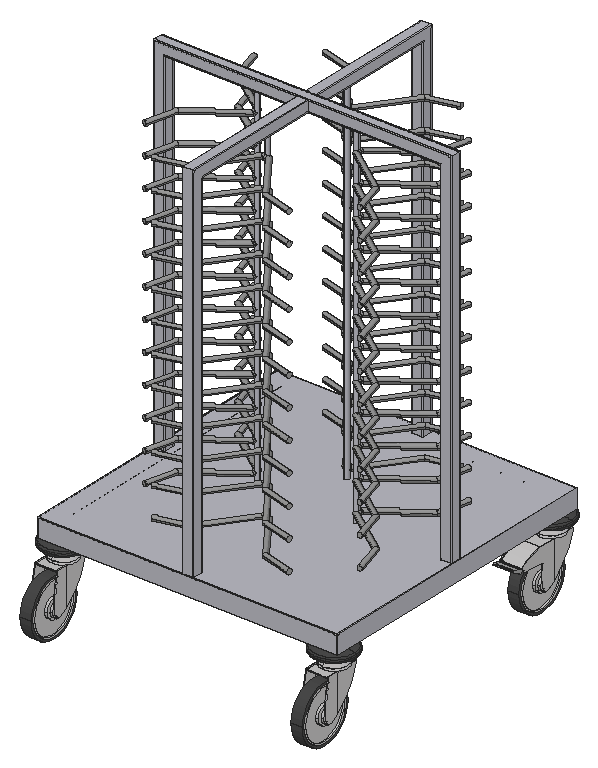
Revit family "QF_BOURGEAT_Chariots_de_stockage_assiette_ garnies_modulables", category Equipement spécialisé, Revit 2015
Parameters (values of type "Petit modèle")
  URL catalogue = "http://www.bourgeat.fr"
  URL = ""
  Type article = ""
  Structure intermédiaire = Hauteur hors tout = 1830 mm  # no
  Spécification du Fabricant = "Chariots modulables pour stockage d'assiettes garnies"
  Profondeur hors tout = 700 mm
  Poids net à vide = 23.00 kg
  Modèle = "798848"
  Longueur hors tout = 700 mm
  Longueur Cadre = Longueur hors tout - 37.6 mm  # 662.4 mm
  Largeur cage = Longueur hors tout - 40 mm  # 660 mm
  Hauteur poignée = Hauteur hors tout - 223 mm  # 807 mm
  Hauteur hors tout = 1030 mm
  Fabricant = "BOURGEAT"
  Description = ""
  Contact SAV = "0033(4).76.32.14.44"
  Type Comments = ""
  Charge max = 75.00 kg
Types (3, lengths in mm): name | Structure intermédiaire | Poids net à vide | Modèle | Hauteur poignée | Hauteur hors tout | Charge max
  (no name) | no | 23.00 kg | "798848" | 807 | 1030 | 75.00 kg
  Petit modèle | no | 23.00 kg | "798848" | 807 | 1030 | 75.00 kg
  Grand modèle | yes | 33.00 kg | "798896" | 1607 | 1830 | 150.00 kg
Reference planes
  plane 1 "Centre (avant/arrière)": y = 0
  plane 2: z = 0
  plane 3 "Centre (gauche/droite)": x = 0
  plane 4: y = 350
  plane 5: y = -350
  plane 6: x = -350
  plane 7: x = 350
  plane 8: x = -300
  plane 9: x = 300
  plane 10: y = -300
  plane 11: z = 1030
  plane 12: y = 300
  plane 13: x = -300
  plane 14: x = 300
  plane 15: x = 155
  plane 16: z = 227
  plane 17: z = 248
  plane 18: z = 963
  plane 19: z = 969
  plane 20: z = 254
Forms (mm)
  Extrusion 1, solid, material "Acier inoxydable AISI 440C, soudé", visible <- "Structure intermédiaire"
    sketch origin (0, 0, 0) x (1, 0, 0) y (0, 0, 1)
      loop
        arc (-11, 227) -> (-12.061, 226.561) -> (-12.5, 225.5) r 1.5
        line (-12.5, 225.5) -> (-12.5, 203.5)
        arc (-12.5, 203.5) -> (-12.061, 202.439) -> (-11, 202) r 1.5
        line (-11, 202) -> (11, 202)
        arc (11, 202) -> (12.061, 202.439) -> (12.5, 203.5) r 1.5
        line (12.5, 203.5) -> (12.5, 225.5)
        arc (12.5, 225.5) -> (12.061, 226.561) -> (11, 227) r 1.5
        line (11, 227) -> (-11, 227)
    from -305 to 305
  Extrusion 2, solid, material "Acier inoxydable AISI 440C, soudé", visible <- "Structure intermédiaire"
    sketch origin (0, 0, 0) x (0, 1, 0) y (0, 0, 1)
      loop
        arc (-11, 227) -> (-12.061, 226.561) -> (-12.5, 225.5) r 1.5
        line (-12.5, 225.5) -> (-12.5, 203.5)
        arc (-12.5, 203.5) -> (-12.061, 202.439) -> (-11, 202) r 1.5
        line (-11, 202) -> (11, 202)
        arc (11, 202) -> (12.061, 202.439) -> (12.5, 203.5) r 1.5
        line (12.5, 203.5) -> (12.5, 225.5)
        arc (12.5, 225.5) -> (12.061, 226.561) -> (11, 227) r 1.5
        line (11, 227) -> (-11, 227)
    from -305 to 305
Cuts and joins
  joined: Extrusion 1, Extrusion 2
Dimensions and locks
  equal spacing: plane 6, plane 3 "Centre (gauche/droite)", plane 7
  equal spacing: plane 4, plane 1 "Centre (avant/arrière)", plane 5
  "Profondeur hors tout": plane 6 to plane 7
  "Longueur hors tout": plane 4 to plane 5
  plane 10 to plane 5 = 50 mm
  plane 9 to plane 7 = 50 mm
  plane 6 to plane 8 = 50 mm
  "Hauteur hors tout": plane 11 to level
  plane 4 to plane 12 = 50 mm
  plane 6 to plane 13 = 50 mm
  plane 14 to plane 7 = 50 mm
  plane 11 to plane 16 = 803 mm
  locked: Extrusion 1 sketch curve to nested 8 at 25
  locked: plane 17 to plane 2 at 248
  locked: plane 18 to plane 2 at 963
  equal spacing: group 1, group 3, group 4, group 5, group 6, group 7, group 8, group 9, group 10, group 11, group 12, group 2  (x3)
  locked: plane 11 to plane 19 at 61
  locked: plane 11 to plane 20 at 776
  equal spacing: group 13, group 15, group 16, group 17, group 18, group 19, group 20, group 21, group 22, group 23, group 24, group 14  (x3)
  aligned and locked: level to plane 2
  aligned and locked: nested 1 to plane 8
  aligned and locked: plane 10 to nested 2
  aligned and locked: nested 2 to plane 9
  aligned and locked: nested 4 to plane 12
  aligned and locked: nested 3 to plane 12
  aligned and locked: plane 13 to nested 4
  aligned and locked: plane 14 to nested 3
  aligned and locked: plane 10 to nested 1
  aligned and locked: plane 1 "Centre (avant/arrière)" to nested 5
  aligned and locked: plane 3 "Centre (gauche/droite)" to nested 5
  aligned and locked: nested 5 to nested 1
  aligned and locked: plane 3 "Centre (gauche/droite)" to nested 6
  aligned and locked: plane 1 "Centre (avant/arrière)" to nested 6
  aligned and locked: nested 6 to nested 5
  aligned and locked: nested 7 to plane 1 "Centre (avant/arrière)"
  aligned and locked: plane 3 "Centre (gauche/droite)" to nested 7
  aligned and locked: plane 11 to nested 7
  aligned and locked: nested 8 to plane 3 "Centre (gauche/droite)"
  aligned and locked: nested 8 to plane 1 "Centre (avant/arrière)"
  aligned and locked: Extrusion 1 sketch curve to plane 16
  aligned and locked: Extrusion 1 to nested 8  (x2)
  aligned and locked: Extrusion 2 to nested 7  (x2)
  aligned and locked: plane 17 to nested 9
  aligned and locked: plane 17 to nested 10
  aligned and locked: nested 12 to plane 17
  aligned and locked: nested 11 to plane 17
  aligned and locked: plane 20 to nested 58
  aligned and locked: nested 59 to plane 20
  aligned and locked: plane 20 to nested 57
  aligned and locked: nested 60 to plane 20
  aligned and locked: plane 19 to nested 61
  aligned and locked: nested 63 to plane 19
  aligned and locked: plane 19 to nested 62
  aligned and locked: nested 64 to plane 19
Automatic sketch dimensions
  Extrusion 1 sketch curve to Extrusion 1 sketch curve = 1.5 mm
  Extrusion 1 sketch curve to plane 16 = 1.5 mm  (x2)
  Extrusion 1 sketch curve to plane 3 "Centre (gauche/droite)" = 11 mm  (x2)
  Extrusion 1 sketch curve to Extrusion 1 sketch curve = 22 mm
  Extrusion 2 sketch curve to plane 16 = 0 mm
  plane 1 "Centre (avant/arrière)" to Extrusion 2 sketch curve = 12.5 mm
  Extrusion 2 sketch curve to Extrusion 2 sketch curve = 1.5 mm
  Extrusion 2 sketch curve to plane 16 = 1.5 mm  (x2)
  Extrusion 2 sketch curve to plane 1 "Centre (avant/arrière)" = 11 mm  (x2)
  Extrusion 2 sketch curve to Extrusion 2 sketch curve = 22 mm
Nested families
  nested 1: "ROULETTE" at (-300, -300, 0) x (-1, 0, 0) z (0, 0, 1), type "ROULETTE"
    with Sans frein yes, Avec frein no
  nested 2: "ROULETTE" at (300, -300, 0) x (-1, 0, 0) z (0, 0, 1), type "ROULETTE"
    with Sans frein yes, Avec frein no
  nested 3: "ROULETTE" at (300, 300, 0) x (-1, 0, 0) z (0, 0, 1), type "ROULETTE"
    with Sans frein no, Avec frein yes
  nested 4: "ROULETTE" at (-300, 300, 0) x (-1, 0, 0) z (0, 0, 1), type "ROULETTE"
    with Sans frein no, Avec frein yes
  nested 5: "Bourgeat - Cadre de chariot SIMPLE" at (0, 0, 182), type "Bourgeat - Cadre de chariot SIMPLE"
    with Longueur 662.4 mm, Largeur 662.4 mm
  nested 6: "Bourgeat - Plateforme coins carrés" at (0, 0, 222), type "Bourgeat - Plateforme coins carrés"
    with Largeur 662.4 mm
  nested 7: "Cage" at (0, 12.5, 223), Hauteur <- "Hauteur poignée", type "Cage"
    with Hauteur 807 mm, Largeur 660 mm
  nested 8: "Cage" at (-12.5, 0, 223) x (0, 1, 0) z (0, 0, 1), Hauteur <- "Hauteur poignée", type "Cage"
    with Hauteur 807 mm, Largeur 660 mm
  nested 9: "Famille1" at (-115, 0, 243) x (-1, 0, 0) z (0, 0, 1), type "Famille1"
  nested 10: "Famille1" at (0, -115, 243) x (0, -1, 0) z (0, 0, 1), type "Famille1"
  nested 11: "Famille1" at (115, 0, 243), type "Famille1"
  nested 12: "Famille1" at (0, 115, 243) x (0, 1, 0) z (0, 0, 1), type "Famille1"
  nested 13: "Famille1" at (-115, 0, 958) x (-1, 0, 0) z (0, 0, 1), type "Famille1"
  nested 14: "Famille1" at (0, -115, 958) x (0, -1, 0) z (0, 0, 1), type "Famille1"
  nested 15: "Famille1" at (115, 0, 958), type "Famille1"
  nested 16: "Famille1" at (0, 115, 958) x (0, 1, 0) z (0, 0, 1), type "Famille1"
  nested 17: "Famille1" at (-115, 0, 308) x (-1, 0, 0) z (0, 0, 1), type "Famille1"
  nested 18: "Famille1" at (0, -115, 308) x (0, -1, 0) z (0, 0, 1), type "Famille1"
  nested 19: "Famille1" at (115, 0, 308), type "Famille1"
  nested 20: "Famille1" at (0, 115, 308) x (0, 1, 0) z (0, 0, 1), type "Famille1"
  nested 21: "Famille1" at (-115, 0, 373) x (-1, 0, 0) z (0, 0, 1), type "Famille1"
  nested 22: "Famille1" at (0, -115, 373) x (0, -1, 0) z (0, 0, 1), type "Famille1"
  nested 23: "Famille1" at (115, 0, 373), type "Famille1"
  nested 24: "Famille1" at (0, 115, 373) x (0, 1, 0) z (0, 0, 1), type "Famille1"
  nested 25: "Famille1" at (-115, 0, 438) x (-1, 0, 0) z (0, 0, 1), type "Famille1"
  nested 26: "Famille1" at (0, -115, 438) x (0, -1, 0) z (0, 0, 1), type "Famille1"
  nested 27: "Famille1" at (115, 0, 438), type "Famille1"
  nested 28: "Famille1" at (0, 115, 438) x (0, 1, 0) z (0, 0, 1), type "Famille1"
  nested 29: "Famille1" at (-115, 0, 503) x (-1, 0, 0) z (0, 0, 1), type "Famille1"
  nested 30: "Famille1" at (0, -115, 503) x (0, -1, 0) z (0, 0, 1), type "Famille1"
  nested 31: "Famille1" at (115, 0, 503), type "Famille1"
  nested 32: "Famille1" at (0, 115, 503) x (0, 1, 0) z (0, 0, 1), type "Famille1"
  nested 33: "Famille1" at (-115, 0, 568) x (-1, 0, 0) z (0, 0, 1), type "Famille1"
  nested 34: "Famille1" at (0, -115, 568) x (0, -1, 0) z (0, 0, 1), type "Famille1"
  nested 35: "Famille1" at (115, 0, 568), type "Famille1"
  nested 36: "Famille1" at (0, 115, 568) x (0, 1, 0) z (0, 0, 1), type "Famille1"
  nested 37: "Famille1" at (-115, 0, 633) x (-1, 0, 0) z (0, 0, 1), type "Famille1"
  nested 38: "Famille1" at (0, -115, 633) x (0, -1, 0) z (0, 0, 1), type "Famille1"
  nested 39: "Famille1" at (115, 0, 633), type "Famille1"
  nested 40: "Famille1" at (0, 115, 633) x (0, 1, 0) z (0, 0, 1), type "Famille1"
  nested 41: "Famille1" at (-115, 0, 698) x (-1, 0, 0) z (0, 0, 1), type "Famille1"
  nested 42: "Famille1" at (0, -115, 698) x (0, -1, 0) z (0, 0, 1), type "Famille1"
  nested 43: "Famille1" at (115, 0, 698), type "Famille1"
  nested 44: "Famille1" at (0, 115, 698) x (0, 1, 0) z (0, 0, 1), type "Famille1"
  nested 45: "Famille1" at (-115, 0, 763) x (-1, 0, 0) z (0, 0, 1), type "Famille1"
  nested 46: "Famille1" at (0, -115, 763) x (0, -1, 0) z (0, 0, 1), type "Famille1"
  nested 47: "Famille1" at (115, 0, 763), type "Famille1"
  nested 48: "Famille1" at (0, 115, 763) x (0, 1, 0) z (0, 0, 1), type "Famille1"
  nested 49: "Famille1" at (-115, 0, 828) x (-1, 0, 0) z (0, 0, 1), type "Famille1"
  nested 50: "Famille1" at (0, -115, 828) x (0, -1, 0) z (0, 0, 1), type "Famille1"
  nested 51: "Famille1" at (115, 0, 828), type "Famille1"
  nested 52: "Famille1" at (0, 115, 828) x (0, 1, 0) z (0, 0, 1), type "Famille1"
  nested 53: "Famille1" at (-115, 0, 893) x (-1, 0, 0) z (0, 0, 1), type "Famille1"
  nested 54: "Famille1" at (0, -115, 893) x (0, -1, 0) z (0, 0, 1), type "Famille1"
  nested 55: "Famille1" at (115, 0, 893), type "Famille1"
  nested 56: "Famille1" at (0, 115, 893) x (0, 1, 0) z (0, 0, 1), type "Famille1"
  nested 57: "Famille1" at (-115, 0, 249) x (-1, 0, 0) z (0, 0, 1), visible <- "Structure intermédiaire", type "Famille1"
  nested 58: "Famille1" at (0, -115, 249) x (0, -1, 0) z (0, 0, 1), visible <- "Structure intermédiaire", type "Famille1"
  nested 59: "Famille1" at (115, 0, 249), visible <- "Structure intermédiaire", type "Famille1"
  nested 60: "Famille1" at (0, 115, 249) x (0, 1, 0) z (0, 0, 1), visible <- "Structure intermédiaire", type "Famille1"
  nested 61: "Famille1" at (-115, 0, 964) x (-1, 0, 0) z (0, 0, 1), visible <- "Structure intermédiaire", type "Famille1"
  nested 62: "Famille1" at (0, -115, 964) x (0, -1, 0) z (0, 0, 1), visible <- "Structure intermédiaire", type "Famille1"
  nested 63: "Famille1" at (115, 0, 964), visible <- "Structure intermédiaire", type "Famille1"
  nested 64: "Famille1" at (0, 115, 964) x (0, 1, 0) z (0, 0, 1), visible <- "Structure intermédiaire", type "Famille1"
  nested 65: "Famille1" at (-115, 0, 314) x (-1, 0, 0) z (0, 0, 1), visible <- "Structure intermédiaire", type "Famille1"
  nested 66: "Famille1" at (0, -115, 314) x (0, -1, 0) z (0, 0, 1), visible <- "Structure intermédiaire", type "Famille1"
  nested 67: "Famille1" at (115, 0, 314), visible <- "Structure intermédiaire", type "Famille1"
  nested 68: "Famille1" at (0, 115, 314) x (0, 1, 0) z (0, 0, 1), visible <- "Structure intermédiaire", type "Famille1"
  nested 69: "Famille1" at (-115, 0, 379) x (-1, 0, 0) z (0, 0, 1), visible <- "Structure intermédiaire", type "Famille1"
  nested 70: "Famille1" at (0, -115, 379) x (0, -1, 0) z (0, 0, 1), visible <- "Structure intermédiaire", type "Famille1"
  nested 71: "Famille1" at (115, 0, 379), visible <- "Structure intermédiaire", type "Famille1"
  nested 72: "Famille1" at (0, 115, 379) x (0, 1, 0) z (0, 0, 1), visible <- "Structure intermédiaire", type "Famille1"
  nested 73: "Famille1" at (-115, 0, 444) x (-1, 0, 0) z (0, 0, 1), visible <- "Structure intermédiaire", type "Famille1"
  nested 74: "Famille1" at (0, -115, 444) x (0, -1, 0) z (0, 0, 1), visible <- "Structure intermédiaire", type "Famille1"
  nested 75: "Famille1" at (115, 0, 444), visible <- "Structure intermédiaire", type "Famille1"
  nested 76: "Famille1" at (0, 115, 444) x (0, 1, 0) z (0, 0, 1), visible <- "Structure intermédiaire", type "Famille1"
  nested 77: "Famille1" at (-115, 0, 509) x (-1, 0, 0) z (0, 0, 1), visible <- "Structure intermédiaire", type "Famille1"
  nested 78: "Famille1" at (0, -115, 509) x (0, -1, 0) z (0, 0, 1), visible <- "Structure intermédiaire", type "Famille1"
  nested 79: "Famille1" at (115, 0, 509), visible <- "Structure intermédiaire", type "Famille1"
  nested 80: "Famille1" at (0, 115, 509) x (0, 1, 0) z (0, 0, 1), visible <- "Structure intermédiaire", type "Famille1"
  nested 81: "Famille1" at (-115, 0, 574) x (-1, 0, 0) z (0, 0, 1), visible <- "Structure intermédiaire", type "Famille1"
  nested 82: "Famille1" at (0, -115, 574) x (0, -1, 0) z (0, 0, 1), visible <- "Structure intermédiaire", type "Famille1"
  nested 83: "Famille1" at (115, 0, 574), visible <- "Structure intermédiaire", type "Famille1"
  nested 84: "Famille1" at (0, 115, 574) x (0, 1, 0) z (0, 0, 1), visible <- "Structure intermédiaire", type "Famille1"
  nested 85: "Famille1" at (-115, 0, 639) x (-1, 0, 0) z (0, 0, 1), visible <- "Structure intermédiaire", type "Famille1"
  nested 86: "Famille1" at (0, -115, 639) x (0, -1, 0) z (0, 0, 1), visible <- "Structure intermédiaire", type "Famille1"
  nested 87: "Famille1" at (115, 0, 639), visible <- "Structure intermédiaire", type "Famille1"
  nested 88: "Famille1" at (0, 115, 639) x (0, 1, 0) z (0, 0, 1), visible <- "Structure intermédiaire", type "Famille1"
  nested 89: "Famille1" at (-115, 0, 704) x (-1, 0, 0) z (0, 0, 1), visible <- "Structure intermédiaire", type "Famille1"
  nested 90: "Famille1" at (0, -115, 704) x (0, -1, 0) z (0, 0, 1), visible <- "Structure intermédiaire", type "Famille1"
  nested 91: "Famille1" at (115, 0, 704), visible <- "Structure intermédiaire", type "Famille1"
  nested 92: "Famille1" at (0, 115, 704) x (0, 1, 0) z (0, 0, 1), visible <- "Structure intermédiaire", type "Famille1"
  nested 93: "Famille1" at (-115, 0, 769) x (-1, 0, 0) z (0, 0, 1), visible <- "Structure intermédiaire", type "Famille1"
  nested 94: "Famille1" at (0, -115, 769) x (0, -1, 0) z (0, 0, 1), visible <- "Structure intermédiaire", type "Famille1"
  nested 95: "Famille1" at (115, 0, 769), visible <- "Structure intermédiaire", type "Famille1"
  nested 96: "Famille1" at (0, 115, 769) x (0, 1, 0) z (0, 0, 1), visible <- "Structure intermédiaire", type "Famille1"
  nested 97: "Famille1" at (-115, 0, 834) x (-1, 0, 0) z (0, 0, 1), visible <- "Structure intermédiaire", type "Famille1"
  nested 98: "Famille1" at (0, -115, 834) x (0, -1, 0) z (0, 0, 1), visible <- "Structure intermédiaire", type "Famille1"
  nested 99: "Famille1" at (115, 0, 834), visible <- "Structure intermédiaire", type "Famille1"
  nested 100: "Famille1" at (0, 115, 834) x (0, 1, 0) z (0, 0, 1), visible <- "Structure intermédiaire", type "Famille1"
  nested 101: "Famille1" at (-115, 0, 899) x (-1, 0, 0) z (0, 0, 1), visible <- "Structure intermédiaire", type "Famille1"
  nested 102: "Famille1" at (0, -115, 899) x (0, -1, 0) z (0, 0, 1), visible <- "Structure intermédiaire", type "Famille1"
  nested 103: "Famille1" at (115, 0, 899), visible <- "Structure intermédiaire", type "Famille1"
  nested 104: "Famille1" at (0, 115, 899) x (0, 1, 0) z (0, 0, 1), visible <- "Structure intermédiaire", type "Famille1"
Definition of nested family "ROULETTE"
  Parameters (values of type "ROULETTE")
    Sans frein [instance] = yes
    Avec frein [instance] = yes
  Reference planes
    plane 1 "Centre (avant/arrière)": y = 0
    plane 2: z = 0
    plane 3 "Centre (gauche/droite)": x = 0
    plane 4: y = 40.851
    plane 5: z = 62.5
  Forms (mm)
    Extrusion 1, solid
      sketch origin (0, 0, 0) x (0, 1, 0) y (0, 0, 1)
        loop
          circle (40.851, 62.5) r 62.5
        loop
          circle (40.851, 62.5) r 57.5
      from -12.5 to 12.5
    Revolve 2, solid
      sketch origin (0, 0, 30.333) x (1, 0, 0) y (0, 0, 1)
        loop
          line (0, 151.667) -> (-25, 151.667) -> (-45.338, 146.217)
          arc (-45.338, 146.217) -> (-46.897, 145.175) -> (-47.5, 143.4) r 2.917
          line (-47.5, 143.4) -> (-47.5, 138.833)
          arc (-47.5, 138.833) -> (-47.012, 137.655) -> (-45.833, 137.167) r 1.667
          line (-45.833, 137.167) -> (-24.607, 137.167) -> (-24, 132.667) -> (0, 132.667) -> (0, 151.667)
        axis (0, 151.667) -> (0, 132.667)
      angle from 0 to 360
    Revolve 3, solid
      sketch origin (0, 0, 0) x (0, 1, 0) y (0, 0, 1)
        loop
          line (0, 163) -> (-20.149, 163) -> (-20.149, 159.41) -> (-21.6, 159.41)
          arc (-21.6, 159.41) -> (-24.448, 158.65) -> (-26.537, 156.572) r 5.712
          line (-26.537, 156.572) -> (-30.146, 147.743) -> (-26.999, 147.062) -> (-26.999, 146.112)
          arc (-26.999, 146.112) -> (-27.23, 145.314) -> (-27.849, 144.761) r 1.5
          arc (-27.849, 144.761) -> (-29.223, 143.633) -> (-29.923, 142) r 3.75
          line (-29.923, 142) -> (0, 142) -> (0, 163)
        axis (0, 163) -> (0, 142)
      angle from 0 to 360
    Extrusion 4, solid
      sketch origin (0, 0, 0) x (0, 1, 0) y (0, 0, -1)
        loop
          line (-29.974, -138.241) -> (-29.974, -142) -> (21.747, -142) -> (21.747, -60.336)
          arc (21.747, -60.336) -> (10.272, -70.702) -> (-0.149, -82.127) r 160.057
          arc (-0.149, -82.127) -> (-17.883, -108.684) -> (-29.974, -138.241) r 159.585
      from -24.913 to -23.038
    Extrusion 5, solid
      sketch origin (0, 0, 0) x (0, 1, 0) y (0, 0, 1)
        loop
          line (-29.974, 142) -> (-29.974, 140.869) -> (21.747, 140.869) -> (21.747, 142) -> (-29.974, 142)
      from -23.038 to 23.038
    Extrusion 6, solid
      sketch origin (0, 0, 0) x (0, 1, 0) y (0, 0, 1)
        loop
          circle (40.851, 62.5) r 57.5
        loop
          circle (40.851, 62.5) r 55
      from -12.5 to 12.5
    Extrusion 7, solid
      sketch origin (0, 0, 0) x (0, 1, 0) y (0, 0, 1)
        loop
          circle (40.851, 62.5) r 55
      from -7 to 7
    Extrusion 8, solid
      sketch origin (0, 0, 0) x (0, 1, 0) y (0, 0, 1)
        loop
          circle (40.851, 62.5) r 21
      from 7 to 15
    Extrusion 9, solid
      sketch origin (0, 0, 0) x (0, 1, 0) y (0, 0, -1)
        loop
          circle (40.851, -62.5) r 16
      from -23.038 to -15
    Extrusion 10, solid, visible <- "Sans frein"
      sketch origin (0, 0, 0) x (0, 1, 0) y (0, 0, 1)
        loop
          arc (21.747, 60.336) -> (23.188, 59.17) -> (24.642, 58.02) r 161.23
          arc (24.642, 58.02) -> (29.34, 54.513) -> (34.187, 51.216) r 133.333
          arc (34.187, 51.216) -> (46.517, 50.3) -> (53.927, 60.198) r 12.867
          arc (53.927, 60.198) -> (54.714, 99.183) -> (46.119, 137.216) r 161.222
          arc (46.119, 137.216) -> (45.679, 138.887) -> (45.531, 140.609) r 10.076
          line (45.531, 140.609) -> (45.531, 142) -> (21.747, 142) -> (21.747, 60.336)
      from 23.038 to 24.913
    Extrusion 11, solid, visible <- "Sans frein"
      sketch origin (0, 0, 0) x (0, 1, 0) y (0, 0, 1)
        loop
          line (21.747, 142) -> (21.747, 140.701) -> (48.851, 140.701) -> (48.851, 142) -> (21.747, 142)
      from -23.038 to 23.038
    Extrusion 12, solid, visible <- "Avec frein"
      sketch origin (0, 0, 0) x (0, 1, 0) y (0, 0, 1)
        loop
          line (21.747, 142) -> (21.747, 60.336)
          arc (21.747, 60.336) -> (23.177, 59.179) -> (24.62, 58.038) r 160.008
          arc (24.62, 58.038) -> (29.041, 54.705) -> (33.574, 51.527) r 160
          arc (33.574, 51.527) -> (46.135, 50.422) -> (53.724, 60.491) r 13
          arc (53.724, 60.491) -> (55.279, 82.092) -> (53.902, 103.704) r 160
          arc (53.902, 103.704) -> (55.53, 108.653) -> (60.415, 110.463) r 6
          arc (60.415, 110.463) -> (80.625, 109.924) -> (100.725, 112.107) r 150
          arc (100.725, 112.107) -> (104.408, 113.406) -> (107.479, 115.819) r 12
          line (107.479, 115.819) -> (110.851, 121.523)
          arc (110.851, 121.523) -> (85.913, 134.651) -> (58.706, 142) r 127.902
          line (58.706, 142) -> (21.747, 142)
      from 23.038 to 24.913
    Extrusion 13, solid, visible <- "Avec frein"
      sketch origin (0, 0, 0) x (0, 1, 0) y (0, 0, 1)
        loop
          line (58.706, 142) -> (21.747, 142) -> (21.747, 140) -> (58.552, 140)
          arc (58.552, 140) -> (85.253, 132.762) -> (109.73, 119.866) r 125.902
          line (109.73, 119.866) -> (110.851, 121.523)
          arc (110.851, 121.523) -> (85.913, 134.651) -> (58.706, 142) r 127.902
      from -23.038 to 23.038
    Extrusion 14, solid, visible <- "Avec frein"
      sketch origin (0, 19.896, 18.175) x (0, 1, 0) y (0, 0, 1)
        loop
          line (87.583, 97.644) -> (91.829, 95.227)
          arc (91.829, 95.227) -> (93.8, 95.006) -> (95.312, 96.29) r 2.5
          arc (95.312, 96.29) -> (103.495, 100.002) -> (111.176, 104.666) r 74.999
          line (111.176, 104.666) -> (110.852, 105.929)
          arc (110.852, 105.929) -> (110.04, 107.086) -> (108.666, 107.417) r 2
          arc (108.666, 107.417) -> (101.396, 105.849) -> (94.512, 103.034) r 42.354
          line (94.512, 103.034) -> (93.479, 101.228) -> (93.285, 100.414) -> (91.69, 101.675) -> (90.401, 102.412) -> (87.583, 97.644)
      from -23.038 to 23.038
    Extrusion 15, solid, not visible
      sketch origin (0, 0, 0) x (0, 1, 0) y (0, 0, 1)
        loop
          circle (34.167, 52.083) r 52.083
        loop
          circle (34.167, 52.083) r 47.917
      from -12.5 to 12.5
    Revolve 16, solid, not visible
      sketch origin (0, 0, 0) x (1, 0, 0) y (0, 0, 1)
        loop
          line (0, 151.667) -> (-20.833, 151.667) -> (-37.422, 147.222)
          arc (-37.422, 147.222) -> (-38.981, 146.18) -> (-39.583, 144.405) r 2.917
          line (-39.583, 144.405) -> (-39.583, 141.25)
          arc (-39.583, 141.25) -> (-39.095, 140.071) -> (-37.917, 139.583) r 1.667
          line (-37.917, 139.583) -> (-20.506, 139.583) -> (-20, 135.833) -> (0, 135.833) -> (0, 151.667)
        axis (0, 151.667) -> (0, 135.833)
      angle from 0 to 360
    Revolve 17, solid, not visible
      sketch origin (0, 0, 0) x (0, 1, 0) y (0, 0, 1)
        loop
          line (-16.667, 135.833) -> (-16.667, 132.842) -> (-17.876, 132.842)
          arc (-17.876, 132.842) -> (-20.158, 132.259) -> (-21.881, 130.654) r 4.76
          arc (-21.881, 130.654) -> (-23.777, 127.026) -> (-24.997, 123.12) r 22.917
          line (-24.997, 123.12) -> (-22.375, 122.552) -> (-22.375, 121.76)
          arc (-22.375, 121.76) -> (-22.567, 121.095) -> (-23.083, 120.634) r 1.25
          arc (-23.083, 120.634) -> (-24.375, 119.481) -> (-24.854, 117.818) r 3.125
          line (-24.854, 117.818) -> (0, 117.818) -> (0, 135.833) -> (-16.667, 135.833)
        axis (0, 135.833) -> (0, 117.818)
      angle from 0 to 360
    Extrusion 18, solid, not visible
      sketch origin (0, 0, 0) x (0, 1, 0) y (0, 0, -1)
        loop
          line (-24.854, -115.199) -> (-24.854, -117.818) -> (18.247, -117.818) -> (18.247, -50.28) -> (15.456, -52.631) -> (0, -68.439)
          arc (0, -68.439) -> (-14.771, -90.573) -> (-24.854, -115.199) r 133.414
      from -24.913 to -23.038
    Extrusion 19, solid, not visible
      sketch origin (0, 0, 0) x (0, 1, 0) y (0, 0, 1)
        loop
          line (-24.854, 117.818) -> (-24.854, 116.875) -> (18.247, 116.875) -> (18.247, 117.818) -> (-24.854, 117.818)
      from -23.038 to 23.038
    Extrusion 20, solid, not visible
      sketch origin (0, 0, 0) x (0, 1, 0) y (0, 0, 1)
        loop
          circle (34.167, 52.083) r 47.917
        loop
          circle (34.167, 52.083) r 45.833
      from -12.5 to 12.5
    Extrusion 21, solid, not visible
      sketch origin (0, 0, 0) x (0, 1, 0) y (0, 0, 1)
        loop
          circle (34.167, 52.083) r 45.833
        loop
          circle (34.167, 52.083) r 17.5
      from -7 to 7
    Extrusion 22, solid, not visible
      sketch origin (0, 0, 0) x (0, 1, 0) y (0, 0, 1)
        loop
          circle (34.167, 52.083) r 17.5
      from -15 to 15
    Extrusion 23, solid, not visible
      sketch origin (0, 0, 0) x (0, 1, 0) y (0, 0, 1)
        loop
          circle (34.167, 52.083) r 12.5
      from -23.038 to -15
    Extrusion 24, solid, not visible
      sketch origin (0, 0, 0) x (0, 1, 0) y (0, 0, -1)
        loop
          circle (34.167, -52.083) r 12.5
      from -23.038 to -15
    Extrusion 25, solid, not visible
      sketch origin (0, 0, 0) x (0, 1, 0) y (0, 0, 1)
        loop
          arc (-24.854, 115.199) -> (-14.771, 90.573) -> (0, 68.439) r 133.414
          line (0, 68.439) -> (15.456, 52.631) -> (18.247, 50.28) -> (18.247, 117.818) -> (-24.854, 117.818) -> (-24.854, 115.199)
      from -24.913 to -23.038
    Extrusion 26, solid, visible <- "Sans frein", not visible
      sketch origin (0, 0, 0) x (0, 1, 0) y (0, 0, 1)
        loop
          arc (18.247, 50.28) -> (19.439, 49.316) -> (20.641, 48.365) r 133.34
          arc (20.641, 48.365) -> (24.325, 45.588) -> (28.103, 42.939) r 133.333
          arc (28.103, 42.939) -> (38.57, 42.018) -> (44.895, 50.409) r 10.833
          arc (44.895, 50.409) -> (45.499, 82.529) -> (38.403, 113.861) r 133.333
          arc (38.403, 113.861) -> (38.039, 115.243) -> (37.917, 116.667) r 8.333
          line (37.917, 116.667) -> (37.917, 117.818) -> (18.247, 117.818) -> (18.247, 50.28)
      from 23.038 to 24.913
    Extrusion 27, solid, visible <- "Sans frein", not visible
      sketch origin (0, 0, 0) x (0, 1, 0) y (0, 0, -1)
        loop
          line (18.247, -50.28) -> (18.247, -117.818) -> (37.917, -117.818) -> (37.917, -116.667)
          arc (37.917, -116.667) -> (38.039, -115.243) -> (38.403, -113.861) r 8.333
          arc (38.403, -113.861) -> (45.499, -82.529) -> (44.895, -50.409) r 133.333
          arc (44.895, -50.409) -> (38.57, -42.018) -> (28.103, -42.939) r 10.833
          arc (28.103, -42.939) -> (24.325, -45.588) -> (20.641, -48.365) r 133.333
          arc (20.641, -48.365) -> (19.439, -49.316) -> (18.247, -50.28) r 133.34
      from 23.038 to 24.913
    Extrusion 28, solid, visible <- "Sans frein", not visible
      sketch origin (0, 0, 0) x (0, 1, 0) y (0, 0, 1)
        loop
          line (18.247, 117.818) -> (18.247, 116.875) -> (37.917, 116.875) -> (37.917, 117.818) -> (18.247, 117.818)
      from -23.038 to 23.038
    Extrusion 29, solid, visible <- "Avec frein", not visible
      sketch origin (0, 0, 0) x (0, 1, 0) y (0, 0, 1)
        loop
          arc (18.247, 50.28) -> (19.439, 49.316) -> (20.641, 48.365) r 133.34
          arc (20.641, 48.365) -> (24.325, 45.588) -> (28.103, 42.939) r 133.333
          arc (28.103, 42.939) -> (38.57, 42.018) -> (44.895, 50.409) r 10.833
          arc (44.895, 50.409) -> (46.191, 68.96) -> (44.895, 87.51) r 133.333
          arc (44.895, 87.51) -> (46.675, 90.916) -> (50.346, 92.053) r 5
          arc (50.346, 92.053) -> (67.188, 91.603) -> (83.937, 93.422) r 125
          arc (83.937, 93.422) -> (87.006, 94.505) -> (89.566, 96.516) r 10
          line (89.566, 96.516) -> (92.375, 101.269) -> (92.894, 102.146)
          arc (92.894, 102.146) -> (72.773, 111.524) -> (51.484, 117.818) r 149.407
          line (51.484, 117.818) -> (18.247, 117.818) -> (18.247, 50.28)
      from 23.038 to 24.913
    Extrusion 30, solid, visible <- "Avec frein", not visible
      sketch origin (0, 0, 0) x (0, 1, 0) y (0, 0, 1)
        loop
          line (18.247, 117.818) -> (18.247, 116.918) -> (51.387, 116.918)
          arc (51.387, 116.918) -> (72.489, 110.669) -> (92.436, 101.371) r 148.507
          line (92.436, 101.371) -> (92.894, 102.146)
          arc (92.894, 102.146) -> (72.773, 111.524) -> (51.484, 117.818) r 149.407
          line (51.484, 117.818) -> (18.247, 117.818)
      from -23.038 to 23.038
    Extrusion 31, solid, visible <- "Avec frein", not visible
      sketch origin (0, 0, 0) x (0, 1, 0) y (0, 0, -1)
        loop
          line (18.247, -50.28) -> (18.247, -117.818) -> (51.484, -117.818)
          arc (51.484, -117.818) -> (72.773, -111.524) -> (92.894, -102.146) r 149.407
          line (92.894, -102.146) -> (92.375, -101.269) -> (89.566, -96.516)
          arc (89.566, -96.516) -> (87.006, -94.505) -> (83.937, -93.422) r 10
          arc (83.937, -93.422) -> (67.188, -91.603) -> (50.346, -92.053) r 125
          arc (50.346, -92.053) -> (46.675, -90.916) -> (44.895, -87.51) r 5
          arc (44.895, -87.51) -> (46.191, -68.96) -> (44.895, -50.409) r 133.333
          arc (44.895, -50.409) -> (38.57, -42.018) -> (28.103, -42.939) r 10.833
          arc (28.103, -42.939) -> (24.325, -45.588) -> (20.641, -48.365) r 133.333
          arc (20.641, -48.365) -> (19.439, -49.316) -> (18.247, -50.28) r 133.34
      from 23.038 to 24.913
    Extrusion 32, solid, visible <- "Avec frein", not visible
      sketch origin (0, 0, 0) x (0, 1, 0) y (0, 0, 1)
        loop
          line (92.988, 99.875) -> (89.934, 101.621) -> (87.583, 97.644) -> (93.104, 94.501)
          arc (93.104, 94.501) -> (94.747, 94.317) -> (96.006, 95.387) r 2.083
          arc (96.006, 95.387) -> (102.826, 98.48) -> (109.226, 102.367) r 62.499
          line (109.226, 102.367) -> (108.956, 103.42)
          arc (108.956, 103.42) -> (108.28, 104.384) -> (107.135, 104.66) r 1.667
          arc (107.135, 104.66) -> (101.536, 103.565) -> (96.139, 101.716) r 41.633
          arc (96.139, 101.716) -> (95.681, 101.427) -> (95.34, 101.007) r 1.667
          line (95.34, 101.007) -> (94.162, 98.947) -> (92.988, 99.875)
      from -23.038 to 23.038
    Extrusion 33, solid, not visible
      sketch origin (0, 0, 0) x (0, 1, 0) y (0, 0, -1)
        loop
          line (-29.974, -138.241) -> (-29.974, -142) -> (21.747, -142) -> (21.747, -60.336)
          arc (21.747, -60.336) -> (10.272, -70.702) -> (-0.149, -82.127) r 160.057
          arc (-0.149, -82.127) -> (-17.883, -108.684) -> (-29.974, -138.241) r 159.585
      from -24.913 to -23.038
    Extrusion 34, solid, not visible
      sketch origin (0, 0, 0) x (0, 1, 0) y (0, 0, 1)
        loop
          circle (40.851, 62.5) r 21
      from 7 to 15
    Extrusion 35, solid, not visible
      sketch origin (0, 0, 0) x (0, 1, 0) y (0, 0, -1)
        loop
          circle (40.851, -62.5) r 16
      from -23.038 to -15
    Extrusion 36, solid, visible <- "Sans frein", not visible
      sketch origin (0, 0, 0) x (0, 1, 0) y (0, 0, 1)
        loop
          arc (21.747, 60.336) -> (23.188, 59.17) -> (24.642, 58.02) r 161.23
          arc (24.642, 58.02) -> (29.34, 54.513) -> (34.187, 51.216) r 133.333
          arc (34.187, 51.216) -> (46.517, 50.3) -> (53.927, 60.198) r 12.867
          arc (53.927, 60.198) -> (54.714, 99.183) -> (46.119, 137.216) r 161.222
          arc (46.119, 137.216) -> (45.679, 138.887) -> (45.531, 140.609) r 10.076
          line (45.531, 140.609) -> (45.531, 142) -> (21.747, 142) -> (21.747, 60.336)
      from 23.038 to 24.913
    Extrusion 37, solid, visible <- "Avec frein", not visible
      sketch origin (0, 0, 0) x (0, 1, 0) y (0, 0, 1)
        loop
          line (21.747, 142) -> (21.747, 60.336)
          arc (21.747, 60.336) -> (23.177, 59.179) -> (24.62, 58.038) r 160.008
          arc (24.62, 58.038) -> (29.041, 54.705) -> (33.574, 51.527) r 160
          arc (33.574, 51.527) -> (46.135, 50.422) -> (53.724, 60.491) r 13
          arc (53.724, 60.491) -> (55.279, 82.092) -> (53.902, 103.704) r 160
          arc (53.902, 103.704) -> (55.53, 108.653) -> (60.415, 110.463) r 6
          arc (60.415, 110.463) -> (80.625, 109.924) -> (100.725, 112.107) r 150
          arc (100.725, 112.107) -> (104.408, 113.406) -> (107.479, 115.819) r 12
          line (107.479, 115.819) -> (110.851, 121.523)
          arc (110.851, 121.523) -> (85.913, 134.651) -> (58.706, 142) r 127.902
          line (58.706, 142) -> (21.747, 142)
      from 23.038 to 24.913
    Extrusion 38, solid
      sketch origin (0, 0, 0) x (0, -1, 0) y (0, 0, -1)
        loop
          arc (29.974, -138.241) -> (17.883, -108.684) -> (0.149, -82.127) r 159.585
          arc (0.149, -82.127) -> (-10.272, -70.702) -> (-21.747, -60.336) r 160.057
          line (-21.747, -60.336) -> (-21.747, -142) -> (29.974, -142) -> (29.974, -138.241)
      from -24.913 to -23.038
    Extrusion 39, solid
      sketch origin (0, 0, 0) x (0, -1, 0) y (0, 0, 1)
        loop
          circle (-40.851, 62.5) r 21
      from 7 to 15
    Extrusion 40, solid
      sketch origin (0, 0, 0) x (0, -1, 0) y (0, 0, -1)
        loop
          circle (-40.851, -62.5) r 16
      from -23.038 to -15
    Extrusion 41, solid, visible <- "Sans frein"
      sketch origin (0, 0, 0) x (0, -1, 0) y (0, 0, 1)
        loop
          line (-21.747, 60.336) -> (-21.747, 142) -> (-45.531, 142) -> (-45.531, 140.609)
          arc (-45.531, 140.609) -> (-45.679, 138.887) -> (-46.119, 137.216) r 10.076
          arc (-46.119, 137.216) -> (-54.714, 99.183) -> (-53.927, 60.198) r 161.222
          arc (-53.927, 60.198) -> (-46.517, 50.3) -> (-34.187, 51.216) r 12.867
          arc (-34.187, 51.216) -> (-29.34, 54.513) -> (-24.642, 58.02) r 133.333
          arc (-24.642, 58.02) -> (-23.188, 59.17) -> (-21.747, 60.336) r 161.23
      from 23.038 to 24.913
    Extrusion 42, solid, visible <- "Avec frein"
      sketch origin (0, 0, 0) x (0, -1, 0) y (0, 0, 1)
        loop
          line (-21.747, 142) -> (-58.706, 142)
          arc (-58.706, 142) -> (-85.913, 134.651) -> (-110.851, 121.523) r 127.902
          line (-110.851, 121.523) -> (-107.479, 115.819)
          arc (-107.479, 115.819) -> (-104.408, 113.406) -> (-100.725, 112.107) r 12
          arc (-100.725, 112.107) -> (-80.625, 109.924) -> (-60.415, 110.463) r 150
          arc (-60.415, 110.463) -> (-55.53, 108.653) -> (-53.902, 103.704) r 6
          arc (-53.902, 103.704) -> (-55.279, 82.092) -> (-53.724, 60.491) r 160
          arc (-53.724, 60.491) -> (-46.135, 50.422) -> (-33.574, 51.527) r 13
          arc (-33.574, 51.527) -> (-29.041, 54.705) -> (-24.62, 58.038) r 160
          arc (-24.62, 58.038) -> (-23.177, 59.179) -> (-21.747, 60.336) r 160.008
          line (-21.747, 60.336) -> (-21.747, 142)
      from 23.038 to 24.913
  Dimensions and locks
    aligned and locked: level to plane 2
Definition of nested family "Bourgeat - Cadre de chariot SIMPLE"
  Parameters (values of type "Bourgeat - Cadre de chariot SIMPLE")
    Longueur = 1000 mm
    Largeur = 600 mm
  Reference planes
    plane 1 "Centre (avant/arrière)": y = 0
    plane 2: z = 0
    plane 3 "Centre (gauche/droite)": x = 0
    plane 4: x = -300
    plane 5: x = 300
    plane 6: y = -500
    plane 7: y = 500
    plane 8: x = -100
    plane 9: x = 100
  Forms (mm)
    Sweep 1, solid
      path origin (0, 0, 0) x (1, 0, 0) y (0, 1, 0)
        loop
          line (-300, 500) -> (-300, -500) -> (300, -500) -> (300, 500) -> (-300, 500)
      profile origin (0, 500, 0) x (0, 1, 0) y (0, 0, 1)
        loop
          line (0, 0) -> (0, 40) -> (-40, 40) -> (-40, 0) -> (0, 0)
  Dimensions and locks
    equal spacing: plane 4, plane 3 "Centre (gauche/droite)", plane 5
    "Largeur": plane 4 to plane 5
    equal spacing: plane 7, plane 1 "Centre (avant/arrière)", plane 6
    "Longueur": plane 7 to plane 6
    locked: Sweep 1 sketch curve to plane 7 at 40
    locked: Sweep 1 sketch curve to profile plane at 40
    equal spacing: plane 4, plane 8, plane 9, plane 5
    aligned and locked: level to plane 2
    aligned and locked: Sweep 1 sketch curve to plane 7
    aligned and locked: plane 4 to Sweep 1 sketch curve
    aligned and locked: plane 6 to Sweep 1 sketch curve
    aligned and locked: Sweep 1 sketch curve to plane 5
  Automatic sketch dimensions
    Sweep 1 sketch curve to profile plane = 0 mm
    Sweep 1 sketch curve to level = 0 mm
Definition of nested family "Bourgeat - Plateforme coins carrés"
  Parameters (values of type "Bourgeat - Plateforme coins carrés")
    Longueur = 662.4 mm
    Largeur = 700 mm
  Reference planes
    plane 1 "Centre (avant/arrière)": y = 0
    plane 2: z = 0
    plane 3 "Centre (gauche/droite)": x = 0
    plane 4: x = -350
    plane 5: x = 350
    plane 6: y = -331.2
    plane 7: y = 331.2
  Forms (mm)
    Extrusion 1, solid
      sketch origin (0, 0, 0) x (1, 0, 0) y (0, 1, 0)
        loop
          line (-350, 331.2) -> (-350, -331.2) -> (350, -331.2) -> (350, 331.2) -> (-350, 331.2)
      from 0 to 0.8
    Extrusion 2, solid
      sketch origin (0, 0, 0) x (1, 0, 0) y (0, 0, 1)
        loop
          arc (-350, 0.8) -> (-350.566, 0.566) -> (-350.8, 0) r 0.8
          line (-350.8, 0) -> (-350.8, -40) -> (-350, -40) -> (-350, 0.8)
      from -331.2 to 331.2
    Extrusion 3, solid
      sketch origin (0, 0, 0) x (-1, 0, 0) y (0, 0, -1)
        loop
          line (-350, -0.8) -> (-350, 40) -> (-350.8, 40) -> (-350.8, 0)
          arc (-350.8, 0) -> (-350.566, -0.566) -> (-350, -0.8) r 0.8
      from -331.2 to 331.2
    Extrusion 4, solid
      sketch origin (0, -100, 0) x (0, 1, 0) y (0, 0, 1)
        loop
          arc (-231.2, 0.8) -> (-231.766, 0.566) -> (-232, 0) r 0.8
          line (-232, 0) -> (-232, -40) -> (-231.2, -40) -> (-231.2, 0.8)
      from -350 to 350
    Extrusion 5, solid
      sketch origin (0, 100, 0) x (0, -1, 0) y (0, 0, -1)
        loop
          line (-231.2, -0.8) -> (-231.2, 40) -> (-232, 40) -> (-232, 0)
          arc (-232, 0) -> (-231.766, -0.566) -> (-231.2, -0.8) r 0.8
      from -350 to 350
  Cuts and joins
    joined: Extrusion 1, Extrusion 2, Extrusion 3, Extrusion 4, Extrusion 5
  Dimensions and locks
    equal spacing: plane 4, plane 3 "Centre (gauche/droite)", plane 5
    "Largeur": plane 4 to plane 5
    equal spacing: plane 7, plane 1 "Centre (avant/arrière)", plane 6
    "Longueur": plane 7 to plane 6
    plane 4 to plane 5 = 700 mm
    aligned and locked: level to plane 2
    aligned and locked: Extrusion 1 sketch curve to plane 7
    aligned and locked: plane 4 to Extrusion 1 sketch curve
    aligned and locked: Extrusion 1 sketch curve to plane 5
    aligned and locked: plane 6 to Extrusion 1 sketch curve
    aligned and locked: Extrusion 1 to level
    aligned and locked: Extrusion 4 to Extrusion 5
    aligned and locked: Extrusion 4 to plane 4
    aligned and locked: plane 5 to Extrusion 4
    aligned and locked: Extrusion 5 to plane 4
    aligned and locked: plane 5 to Extrusion 5
    aligned and locked: Extrusion 3 to plane 6
    aligned and locked: plane 7 to Extrusion 3
    aligned and locked: plane 7 to Extrusion 2
    aligned and locked: Extrusion 2 to plane 6
  Automatic sketch dimensions
    Extrusion 2 sketch curve to level = 0 mm
    Extrusion 2 sketch curve to plane 4 = 0 mm
    Extrusion 2 sketch curve to Extrusion 2 sketch curve = 0.8 mm
    Extrusion 2 sketch curve to Extrusion 2 sketch curve = 40 mm
    Extrusion 3 sketch curve to level = 0 mm
    Extrusion 3 sketch curve to plane 5 = 0 mm
    Extrusion 3 sketch curve to Extrusion 3 sketch curve = 0.8 mm
    Extrusion 3 sketch curve to Extrusion 3 sketch curve = 40 mm
    Extrusion 4 sketch curve to level = 0 mm
    Extrusion 4 sketch curve to plane 6 = 0 mm
    Extrusion 4 sketch curve to Extrusion 4 sketch curve = 0.8 mm
    Extrusion 4 sketch curve to Extrusion 4 sketch curve = 40 mm
    Extrusion 5 sketch curve to level = 0 mm
    Extrusion 5 sketch curve to plane 7 = 0 mm
    Extrusion 5 sketch curve to Extrusion 5 sketch curve = 0.8 mm
    Extrusion 5 sketch curve to Extrusion 5 sketch curve = 40 mm
Definition of nested family "Cage"
  Parameters (values of type "Cage")
    Largeur = 560 mm
    Hauteur [instance] = 831 mm
  Reference planes
    plane 1 "Centre (avant/arrière)": y = 0
    plane 2: z = 0
    plane 3 "Centre (gauche/droite)": x = 0
    plane 4: x = -280
    plane 5: x = 280
    plane 6: z = 831
    plane 7: y = -12.5
    plane 8: x = -186.667
    plane 9: x = -93.333
    plane 10: x = 93.333
    plane 11: x = 186.667
  Forms (mm)
    Sweep 1, solid
      path origin (0, 0, 0) x (1, 0, 0) y (0, 0, 1)
        loop
          line (-280, 0) -> (-280, 831) -> (280, 831) -> (280, 0)
      profile origin (-280, 0, 415.5) x (-1, 0, 0) y (0, -1, 0)
        loop
          arc (-2, 0) -> (-0.586, 0.586) -> (0, 2) r 2
          line (0, 2) -> (0, 23)
          arc (0, 23) -> (-0.586, 24.414) -> (-2, 25) r 2
          line (-2, 25) -> (-23, 25)
          arc (-23, 25) -> (-24.414, 24.414) -> (-25, 23) r 2
          line (-25, 23) -> (-25, 2)
          arc (-25, 2) -> (-24.414, 0.586) -> (-23, 0) r 2
          line (-23, 0) -> (-2, 0)
    Extrusion 2, solid
      sketch origin (0, 0, 0) x (1, 0, 0) y (0, 1, 0)
        loop
          circle (-93.333, -12.5) r 5
      from 0 to 806
    Extrusion 3, solid
      sketch origin (186.667, 0, 0) x (1, 0, 0) y (0, 1, 0)
        loop
          circle (-93.333, -12.5) r 5
      from 0 to 806
  Dimensions and locks
    equal spacing: plane 5, plane 3 "Centre (gauche/droite)", plane 4
    "Largeur": plane 4 to plane 5
    equal spacing: plane 4, plane 3 "Centre (gauche/droite)", plane 5
    "Hauteur": plane 6 to level
    locked: plane 7 to plane 1 "Centre (avant/arrière)" at 12.5
    equal spacing: plane 3 "Centre (gauche/droite)", plane 9, plane 8, plane 4
    equal spacing: plane 5, plane 11, plane 10, plane 3 "Centre (gauche/droite)"
    locked: plane 6 to Extrusion 2 at 25
    locked: plane 6 to Extrusion 3 at 25
    aligned and locked: level to plane 2
    aligned and locked: plane 4 to Sweep 1 sketch curve  (x2)
    aligned and locked: Sweep 1 sketch curve to plane 6
    aligned and locked: Sweep 1 sketch curve to plane 5
    aligned and locked: plane 1 "Centre (avant/arrière)" to Sweep 1 sketch curve
    aligned and locked: Extrusion 2 to level
    aligned and locked: Extrusion 3 to level
    aligned and locked: Extrusion 2 to plane 2
    aligned and locked: Extrusion 3 to plane 2
  Automatic sketch dimensions
    Sweep 1 sketch curve to level = 0 mm  (x2)
    profile plane to Sweep 1 sketch curve = 2 mm  (x2)
    Sweep 1 sketch curve to Sweep 1 sketch curve = 21 mm  (x3)
    Sweep 1 sketch curve to Sweep 1 sketch curve = 2 mm
    Extrusion 2 sketch curve to plane 7 = 0 mm
    Extrusion 2 sketch curve to plane 9 = 0 mm
    Extrusion 3 sketch curve to plane 7 = 0 mm
    Extrusion 3 sketch curve to plane 10 = 0 mm
    radius of Extrusion 2 sketch curve = 5 mm
    radius of Extrusion 3 sketch curve = 5 mm
Definition of nested family "Famille1"
  Reference planes
    plane 1 "Centre (avant/arrière)": y = 0
    plane 2: z = 0
    plane 3 "Centre (gauche/droite)": x = 0
    plane 4: through (7.418, 58.887, 1200) normal (0.9331, 0.3596, 0)
    plane 5: z = 5
  Forms (mm)
    Sweep 1, solid
      path origin (0, 0, 0) x (1, 0, 0) y (0, 1, 0)
        loop
          line (123.29, -151.503) -> (105.172, -83.888) -> (0, -7.476) -> (0, 0) -> (0, 7.476) -> (105.172, 83.888) -> (123.29, 151.503)
      profile origin (52.586, 45.682, 0) x (-0.587785, 0.809017, 0) y (0, 0, 1)
        loop
          circle (0, 0) r 5
  Dimensions and locks
    locked: plane 5 to level at 5
    aligned and locked: level to plane 2
